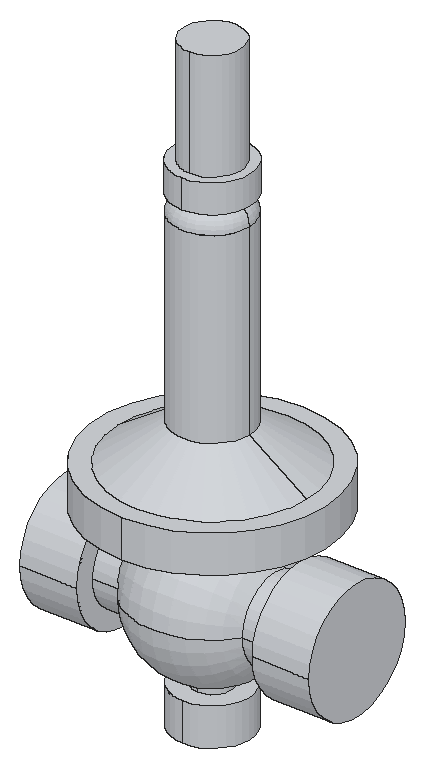
Revit family "M_Válvula reguladora de pressão - 50-150 mm - Flange", category Acessórios do tubo, Revit 2019
Family settings
  Cota do conector redondo = Usar raio
  Tipo de parte = Válvula - Quebra entre
  Número OmniClass = 23.65.55.14.17
  Título OmniClass = Adjusting/Controlling Valves for Liquid Services
  ID de item do Seek = Pressure Regulating Valve - 50-150 mm - Flanged-0000-CAN-ENU
  Com base no plano de trabalho = Não
  Sempre na vertical = Sim
  Corte com vazios quando carregada = Não
  Compartilhado = Não
Parameters (values of type "50 mm")
  Material da válvula = none
  Comprimento da válvula = 194 mm
  Raio 5 = if(Raio do corpo > Raio da esfera, Raio do corpo, Raio da esfera)  # 76 mm
  Raio 4 = Raio 1 - 13 mm  # 12 mm
  Raio 3 = (Diâmetro do corpo - 25 mm) / 2  # 63.5 mm
  Raio 2 = (Diâmetro 1 - 25 mm) / 2  # 12.5 mm
  Raio 1 = (Diâmetro 1) / 2  # 25 mm
  Altura total = 413 mm
  Raio externo = Diâmetro externo / 2  # 27.5 mm
  Diâmetro externo = 1.1 * Diâmetro nominal  # 55 mm
  Raio nominal = 25 mm
  Diâmetro nominal = Raio nominal * 2  # 50 mm
  Comprimento 1 = 1 / 4 * Comprimento da válvula  # 48.5 mm
  K Coefficient = 78
  Altura 2 = Altura total / 3  # 137.667 mm
  Altura 1 = 79 mm
  Raio da flange = Diâmetro da flange / 2  # 40 mm
  Diâmetro da flange = 1.6 * Diâmetro nominal  # 80 mm
  Diâmetro 1 = Diâmetro nominal  # 50 mm
  Raio do corpo = Diâmetro do corpo / 2  # 76 mm
  Diâmetro do corpo = 152 mm
  Raio da esfera = Diâmetro nominal  # 50 mm
Types (7, lengths in mm): name | Comprimento da válvula | Raio 5 | Raio 4 | Raio 3 | Raio 2 | Raio 1 | Altura total | Raio externo | Diâmetro externo | Raio nominal | Diâmetro nominal | Comprimento 1 | K Coefficient | Altura 2 | Altura 1 | Raio da flange | Diâmetro da flange | Diâmetro 1 | Raio do corpo | Diâmetro do corpo | Raio da esfera
  (no name) | 194 | 76 | 12 | 63.5 | 12.5 | 25 | 413 | 27.5 | 55 | 25 | 50 | 48.5 | 78 | 137.667 | 79 | 40 | 80 | 50 | 76 | 152 | 50
  50 mm | 194 | 76 | 12 | 63.5 | 12.5 | 25 | 413 | 27.5 | 55 | 25 | 50 | 48.5 | 78 | 137.667 | 79 | 40 | 80 | 50 | 76 | 152 | 50
  65 mm | 270 | 89 | 19.5 | 76.5 | 20 | 32.5 | 546 | 35.75 | 71.5 | 32.5 | 65 | 67.5 | 69.9 | 182 | 103 | 52 | 104 | 65 | 89 | 178 | 65
  80 mm | 270 | 95.5 | 27 | 83 | 27.5 | 40 | 573 | 44 | 88 | 40 | 80 | 67.5 | 74.6 | 191 | 116 | 64 | 128 | 80 | 95.5 | 191 | 80
  100 mm | 308 | 114.5 | 37 | 102 | 37.5 | 50 | 637 | 55 | 110 | 50 | 100 | 77 | 106 | 212.333 | 133 | 80 | 160 | 100 | 114.5 | 229 | 100
  125 mm | 381 | 127 | 49.5 | 114.5 | 50 | 62.5 | 838 | 68.75 | 137.5 | 62.5 | 125 | 95.25 | 220 | 279.333 | 165 | 100 | 200 | 125 | 127 | 254 | 125
  150 mm | 400 | 150 | 62 | 127 | 62.5 | 75 | 903 | 82.5 | 165 | 75 | 150 | 100 | 332 | 301 | 191 | 120 | 240 | 150 | 139.5 | 279 | 150
Reference planes
  plane 1 "Centro (Frente/Trás)": y = 0
  plane 2: z = 0
  plane 3 "Centro (Esquerda/Direita)": x = 0
  plane 4: x = -97
  plane 5: x = 97
  plane 6: x = -58.9
  plane 7: x = 58.9
  plane 8: z = 79
  plane 9: z = -79
  plane 10: z = 53.6
  plane 11: z = -53.6
  plane 12: z = 104.4
  plane 13: z = 242.067
  plane 14: z = 261.117
  plane 15: z = 334
Forms (mm)
  Sweep 1, solid, material <- "Material da válvula", detail levels fine
    path origin (0, 0, 0) x (1, 0, 0) y (0, 1, 0)
      loop
        line (-58.9, 0) -> (58.9, 0)
    profile origin (0, 0, 0) x (0, 1, 0) y (0, 0, 1)
      loop
        circle (0, 0) r 27.5
  Sweep 2, solid, material <- "Material da válvula", detail levels fine
    path origin (0, 0, 0) x (1, 0, 0) y (0, 1, 0)
      loop
        line (-58.9, 0) -> (-97, 0)
    profile origin (-77.95, 0, 0) x (0, -1, 0) y (0, 0, 1)
      loop
        circle (0, 0) r 40
  Sweep 3, solid, material <- "Material da válvula", detail levels fine
    path origin (0, 0, 0) x (1, 0, 0) y (0, 1, 0)
      loop
        line (58.9, 0) -> (97, 0)
    profile origin (77.95, 0, 0) x (0, 1, 0) y (0, 0, 1)
      loop
        circle (0, 0) r 40
  Revolve 4, solid, material <- "Material da válvula", detail levels fine
    sketch origin (0, 0, 0) x (1, 0, 0) y (0, 1, 0)
      loop
        arc (50, 0) -> (0, 50) -> (-50, 0) r 50
        line (-50, 0) -> (50, 0)
      axis (50, 0) -> (-50, 0)
    angle from 0 to 360
  Sweep 5, solid, material <- "Material da válvula", detail levels fine
    path origin (0, 0, 0) x (1, 0, 0) y (0, 0, 1)
      loop
        line (0, 53.6) -> (0, -53.6)
    profile origin (0, 0, 0) x (0, -1, 0) y (1, 0, 0)
      loop
        circle (0, 0) r 12.5
  Sweep 6, solid, material <- "Material da válvula", detail levels fine
    path origin (0, 0, 0) x (1, 0, 0) y (0, 0, 1)
      loop
        line (0, -53.6) -> (0, -79)
    profile origin (0, 0, -66.3) x (0, -1, 0) y (1, 0, 0)
      loop
        circle (0, 0) r 25
  Sweep 7, solid, material <- "Material da válvula", detail levels fine
    path origin (0, 0, 0) x (1, 0, 0) y (0, 0, 1)
      loop
        line (0, 79) -> (0, 53.6)
    profile origin (0, 0, 66.3) x (0, -1, 0) y (1, 0, 0)
      loop
        circle (0, 0) r 76
  Blend 8, solid, material <- "Material da válvula", detail levels fine
    base sketch origin (0, 0, 0) x (1, 0, 0) y (0, 1, 0)
      loop
        circle (0, 0) r 63.5
    top sketch origin (0, 0, 0) x (1, 0, 0) y (0, 1, 0)
      loop
        circle (0, 0) r 25
    from 79 to 104.4
  Revolve 9, solid, material <- "Material da válvula", detail levels fine
    sketch origin (0, 0, 0) x (1, 0, 0) y (0, 0, 1)
      loop
        line (0, 104.4) -> (0, 242.067) -> (-12.3, 242.067)
        arc (-12.3, 242.067) -> (-21.28, 238.347) -> (-25, 229.367) r 12.7
        line (-25, 229.367) -> (-25, 104.4) -> (0, 104.4)
      axis (0, 242.067) -> (0, 104.4)
    angle from 0 to 360
  Sweep 10, solid, material <- "Material da válvula", detail levels fine
    path origin (0, 0, 0) x (1, 0, 0) y (0, 0, 1)
      loop
        line (0, 261.117) -> (0, 242.067)
    profile origin (0, 0, 251.592) x (0, -1, 0) y (1, 0, 0)
      loop
        circle (0, 0) r 25.4
  Sweep 11, solid, material <- "Material da válvula", detail levels fine
    path origin (0, 0, 0) x (1, 0, 0) y (0, 0, 1)
      loop
        line (0, 334) -> (0, 261.117)
    profile origin (0, 0, 297.558) x (0, -1, 0) y (1, 0, 0)
      loop
        circle (0, 0) r 19.05
Cuts and joins
  joined: Sweep 1, Sweep 2, Sweep 3, Revolve 4, Sweep 5, Sweep 6, Sweep 7, Blend 8, Revolve 9, Sweep 10, Sweep 11
Lines and regions (mm)
  model lines, detail levels coarse+medium
    curve 1: line (-97, 56.003, 0) -> (-97, -56.003, 0)
    curve 2: line (97, 56.003, 0) -> (97, -56.003, 0)
    curve 3: line (0, 0, 0) -> (-97, 56.003, 0)
    curve 4: line (0, 0, 0) -> (97, 56.003, 0)
    curve 5: line (0, 0, 0) -> (97, -56.003, 0)
    curve 6: line (0, 0, 0) -> (-97, -56.003, 0)
    curve 7: line (0, 0, 0) -> (0, 76, 0)
    curve 8: line (-57.15, 76, 0) -> (57.15, 76, 0)
    curve 9: line (-57.15, 101.4, 0) -> (57.15, 101.4, 0)
Dimensions and locks
  equal spacing: plane 4, plane 3 "Centro (Esquerda/Direita)", plane 5
  "Comprimento da válvula": plane 4 to plane 5
  locked: plane 4 to plane 6 at 38.1
  locked: plane 7 to plane 5 at 38.1
  locked: level to plane 2
  "Altura 1": plane 8 to plane 2
  "Altura 1": plane 2 to plane 9
  locked: plane 8 to plane 10 at 25.4
  locked: plane 11 to plane 9 at 25.4
  locked: plane 12 to plane 8 at 25.4
  "Altura 2": plane 13 to plane 12
  locked: plane 14 to plane 13 at 19.05
  "Altura total": plane 15 to plane 9
  "Raio 1": Revolve 9 sketch curve to Revolve 9 sketch curve
  equal spacing: curve 1, curve 7, curve 2
  "Raio 5": curve 7 to curve 7
  "Raio 5": plane 1 "Centro (Frente/Trás)" to curve 8
  locked: curve 8 to curve 9 at 25.4
  equal spacing: curve 8, plane 3 "Centro (Esquerda/Direita)", curve 8
  equal spacing: curve 9, plane 3 "Centro (Esquerda/Direita)", curve 9
  locked: curve 9 to plane 3 "Centro (Esquerda/Direita)" at 57.15
  locked: curve 8 to plane 3 "Centro (Esquerda/Direita)" at 57.15
  "Raio externo": radius of Sweep 1 sketch curve
  "Raio da flange": radius of Sweep 2 sketch curve
  "Raio da flange": radius of Sweep 3 sketch curve
  "Raio da esfera": radius of Revolve 4 sketch curve
  "Raio 2": radius of Sweep 5 sketch curve
  "Raio 1": radius of Sweep 6 sketch curve
  "Raio do corpo": radius of Sweep 7 sketch curve
  "Raio 3": radius of Blend 8 sketch curve
  "Raio 1": radius of Blend 8 sketch curve
  radius of Sweep 10 sketch curve = 25.4 mm
  radius of Sweep 11 sketch curve = 19.05 mm
  angle curve 3 to plane 1 "Centro (Frente/Trás)" to curve 6 = 30.00° locked, 30.00°
  angle curve 5 to plane 1 "Centro (Frente/Trás)" to curve 4 = 30.00° locked, 30.00°
  aligned and locked: plane 6 to Sweep 1 sketch curve
  aligned and locked: plane 7 to Sweep 1 sketch curve
  aligned and locked: plane 1 "Centro (Frente/Trás)" to Sweep 1 sketch curve  (x2)
  aligned and locked: plane 2 to Sweep 1 sketch curve
  aligned and locked: plane 4 to Sweep 2 sketch curve
  aligned and locked: plane 6 to Sweep 2 sketch curve
  aligned and locked: Sweep 2 sketch curve to plane 1 "Centro (Frente/Trás)"
  aligned and locked: plane 2 to Sweep 2 sketch curve
  aligned and locked: plane 1 "Centro (Frente/Trás)" to Sweep 2 sketch curve
  aligned and locked: plane 5 to Sweep 3 sketch curve
  aligned and locked: plane 7 to Sweep 3 sketch curve
  aligned and locked: plane 1 "Centro (Frente/Trás)" to Sweep 3 sketch curve  (x2)
  aligned and locked: profile plane to plane 2
  aligned and locked: plane 1 "Centro (Frente/Trás)" to Revolve 4 sketch curve
  aligned and locked: plane 3 "Centro (Esquerda/Direita)" to Revolve 4 sketch curve
  aligned and locked: plane 10 to Sweep 5 sketch curve
  aligned and locked: Sweep 5 sketch curve to plane 3 "Centro (Esquerda/Direita)"
  aligned and locked: plane 11 to Sweep 5 sketch curve
  aligned and locked: plane 1 "Centro (Frente/Trás)" to Sweep 5 sketch curve
  aligned and locked: plane 3 "Centro (Esquerda/Direita)" to Sweep 5 sketch curve
  aligned and locked: plane 11 to Sweep 6 sketch curve
  aligned and locked: plane 9 to Sweep 6 sketch curve
  aligned and locked: Sweep 6 sketch curve to plane 3 "Centro (Esquerda/Direita)"
  aligned and locked: plane 3 "Centro (Esquerda/Direita)" to Sweep 6 sketch curve
  aligned and locked: plane 1 "Centro (Frente/Trás)" to Sweep 6 sketch curve
  aligned and locked: plane 8 to Sweep 7 sketch curve
  aligned and locked: plane 10 to Sweep 7 sketch curve
  aligned and locked: Sweep 7 sketch curve to plane 3 "Centro (Esquerda/Direita)"
  aligned and locked: plane 1 "Centro (Frente/Trás)" to Sweep 7 sketch curve
  aligned and locked: plane 3 "Centro (Esquerda/Direita)" to Sweep 7 sketch curve
  aligned and locked: plane 1 "Centro (Frente/Trás)" to Blend 8 sketch curve  (x2)
  aligned and locked: plane 3 "Centro (Esquerda/Direita)" to Blend 8 sketch curve  (x2)
  aligned and locked: plane 12 to Blend 8
  aligned and locked: Blend 8 to plane 8
  aligned and locked: Revolve 9 sketch curve to plane 3 "Centro (Esquerda/Direita)"
  aligned and locked: Revolve 9 sketch curve to plane 13
  aligned and locked: plane 12 to Revolve 9 sketch curve
  aligned and locked: plane 14 to Sweep 10 sketch curve
  aligned and locked: plane 13 to Sweep 10 sketch curve
  aligned and locked: Sweep 10 sketch curve to plane 3 "Centro (Esquerda/Direita)"
  aligned and locked: plane 1 "Centro (Frente/Trás)" to Sweep 10 sketch curve
  aligned and locked: plane 3 "Centro (Esquerda/Direita)" to Sweep 10 sketch curve
  aligned and locked: plane 15 to Sweep 11 sketch curve
  aligned and locked: plane 14 to Sweep 11 sketch curve
  aligned and locked: Sweep 11 sketch curve to plane 3 "Centro (Esquerda/Direita)"
  aligned and locked: plane 1 "Centro (Frente/Trás)" to Sweep 11 sketch curve
  aligned and locked: plane 3 "Centro (Esquerda/Direita)" to Sweep 11 sketch curve
  aligned and locked: curve 2 to plane 5
  aligned and locked: plane 1 "Centro (Frente/Trás)" to curve 6
Automatic sketch dimensions
  Sweep 3 sketch curve to level = 0 mm
  Revolve 4 sketch curve to plane 1 "Centro (Frente/Trás)" = 0 mm
  Revolve 4 sketch curve to Revolve 4 sketch curve = 1117.6 mm  (x2)
  Revolve 9 sketch curve to plane 13 = 12.7 mm
  Revolve 9 sketch curve to plane 3 "Centro (Esquerda/Direita)" = 0 mm
  Revolve 9 sketch curve to plane 9 = 419.1 mm
  plane 15 to Revolve 9 sketch curve = 1896.271 mm
  curve 1 to plane 4 = 0 mm
Connectors
  piping at (-97, 0, 0), diameter 50, driven by "Raio nominal"
    settings: on Sweep 2, index 1, connector inside diameter 50 mm, connector length 0 mm, flow factor 0, pipe flow 0.0 L/s, pressure drop 0.0 Pa, fitting loss kfactor 0, connector angle 0.00°, fixture units 0, engagement length 0 mm, angle of deflection 0.00°, flow configuration 0, flow direction 0, fitting loss method 2, system type 29, joint type 0, gender type 0, connector reference index 2, connector utility 0, adjustable connector no, is connector primary yes, connector description ""
  piping at (97, 0, 0), diameter 50, driven by "K Coefficient", driven by "Raio nominal"
    settings: on Sweep 3, index 2, connector inside diameter 50 mm, connector length 0 mm, flow factor 0, pipe flow 0.0 L/s, pressure drop 0.0 Pa, fitting loss kfactor 78, connector angle 0.00°, fixture units 0, engagement length 0 mm, angle of deflection 0.00°, flow configuration 0, flow direction 0, fitting loss method 2, system type 29, joint type 0, gender type 0, connector reference index 1, connector utility 0, adjustable connector no, is connector primary no, connector description ""
